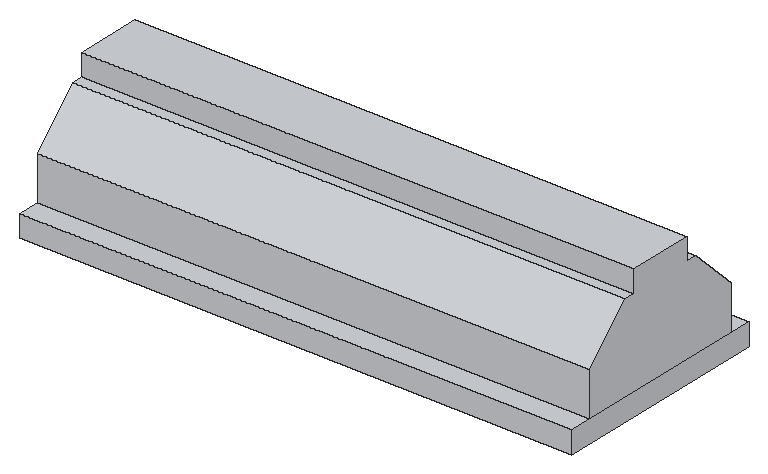
Revit family "@BS-Mong Bang Dung Tam", category Structural Framing, Revit 2023
Family settings
  Section Shape = Not Defined
  Material for Model Behavior = Other
  Always export as geometry = No
  OmniClass Number = 23.25.30.11.14.14
  OmniClass Title = Beams
  Always vertical = Yes
  Cut with Voids When Loaded = No
  Symbolic Representation = From Family
  Shared = No
  Show family pre-cut in plan views = Yes
Parameters (values of type "@TN-Mong bang dung tam")
  VL móng = none
  VL lót móng = none
  Length [instance] = 3000 mm
  Chiều rộng đáy móng = 800 mm
  Chiều rộng dầm móng = 300 mm
  Chiều cao móng = 500 mm
  Chiều cao bậc 2 = 200 mm
  Chiều cao bậc 1 = 200 mm
Reference planes
  plane 1 "Center (Front/Back)": y = 0
  plane 2 "Center Elevation": z = 0
  plane 3 "Center (Left/Right)": x = 0
  plane 4 "Left": x = -1500
  plane 5 "Member Left": x = -1250
  plane 6 "Stick Symbol Left": x = -1000
  plane 7 "Right": x = 1500
  plane 8 "Member Right": x = 1250
  plane 9 "Stick Symbol Right": x = 1000
  plane 10: z = -500
  plane 11: z = -600
  plane 12: z = -100
  plane 13: z = -300
  plane 14: y = 150
  plane 15: y = -150
  plane 16: y = 400
  plane 17: y = -400
  plane 18: y = 500
  plane 19: y = -500
  plane 20: y = -200
  plane 21: y = 200
Forms (mm)
  Sweep 1, solid, material <- "VL móng"
    path origin (0, 0, 0) x (1, 0, 0) y (0, 1, 0)
      loop
        line (-1250, 0) -> (1250, 0)
    profile origin (0, 0, 0) x (0, 1, 0) y (0, 0, 1)
      loop
        line (150, -100) -> (150, 0) -> (-150, 0) -> (-150, -100) -> (-200, -100) -> (-400, -300) -> (400, -300) -> (200, -100) -> (150, -100)
  Sweep 2, solid, material <- "VL móng"
    path origin (0, 0, 0) x (1, 0, 0) y (0, 1, 0)
      loop
        line (-1250, 0) -> (1250, 0)
    profile origin (0, 0, 0) x (0, 1, 0) y (0, 0, 1)
      loop
        line (400, -300) -> (-400, -300) -> (-400, -500) -> (400, -500) -> (400, -300)
  Sweep 3, solid, material <- "VL lót móng"
    path origin (0, 0, 0) x (1, 0, 0) y (0, 1, 0)
      loop
        line (-1250, 0) -> (1250, 0)
    profile origin (0, 0, 0) x (0, 1, 0) y (0, 0, 1)
      loop
        line (500, -500) -> (-500, -500) -> (-500, -600) -> (500, -600) -> (500, -500)
Cuts and joins
  joined: Sweep 1, Sweep 2
Lines and regions (mm)
  model lines, style "Stick Symbols", detail levels coarse
    curve 1: line (-1000, 0, 0) -> (1000, 0, 0)
Dimensions and locks
  equal spacing: plane 4 "Left", plane 3 "Center (Left/Right)", plane 7 "Right"
  "Length": plane 4 "Left" to plane 7 "Right"
  equal spacing: plane 14, plane 1 "Center (Front/Back)", plane 15
  "Chiều rộng dầm móng": plane 14 to plane 15
  locked: plane 15 to plane 20 at 50
  locked: plane 21 to plane 14 at 50
  locked: plane 10 to plane 11 at 100
  locked: plane 17 to plane 19 at 100
  locked: plane 18 to plane 16 at 100
  equal spacing: plane 16, plane 1 "Center (Front/Back)", plane 17
  "Chiều rộng đáy móng": plane 16 to plane 17
  "Chiều cao bậc 1": plane 13 to plane 10
  "Chiều cao bậc 2": plane 12 to plane 13
  "Chiều cao móng": level to plane 10
  aligned and locked: plane 1 "Center (Front/Back)" to curve 1
  aligned and locked: plane 6 "Stick Symbol Left" to curve 1
  aligned and locked: plane 9 "Stick Symbol Right" to curve 1
  aligned and locked: level to plane 2 "Center Elevation"
  aligned and locked: plane 5 "Member Left" to Sweep 1 sketch curve
  aligned and locked: plane 1 "Center (Front/Back)" to Sweep 1 sketch curve
  aligned and locked: Sweep 1 sketch curve to plane 12  (x2)
  aligned and locked: Sweep 1 sketch curve to plane 2 "Center Elevation"
  aligned and locked: plane 14 to Sweep 1 sketch curve
  aligned and locked: Sweep 1 sketch curve to plane 15
  aligned and locked: Sweep 1 sketch curve to plane 13
  aligned and locked: plane 13 to Sweep 1 sketch curve
  aligned and locked: plane 17 to Sweep 1 sketch curve
  aligned and locked: plane 16 to Sweep 1 sketch curve
  aligned and locked: Sweep 1 to Sweep 2 sketch curve  (x2)
  aligned and locked: plane 1 "Center (Front/Back)" to Sweep 2 sketch curve
  aligned and locked: Sweep 2 sketch curve to plane 10
  aligned and locked: plane 17 to Sweep 2 sketch curve
  aligned and locked: plane 16 to Sweep 2 sketch curve
  aligned and locked: Sweep 2 sketch curve to plane 13
  aligned and locked: Sweep 1 to Sweep 3 sketch curve  (x2)
  aligned and locked: plane 1 "Center (Front/Back)" to Sweep 3 sketch curve
  aligned and locked: plane 10 to Sweep 3 sketch curve
  aligned and locked: Sweep 3 sketch curve to plane 18
  aligned and locked: Sweep 3 sketch curve to plane 11
  aligned and locked: plane 19 to Sweep 3 sketch curve
Automatic sketch dimensions
  Sweep 1 sketch curve to plane 8 "Member Right" = 0 mm
  Sweep 1 sketch curve to Sweep 1 sketch curve = 50 mm  (x2)
